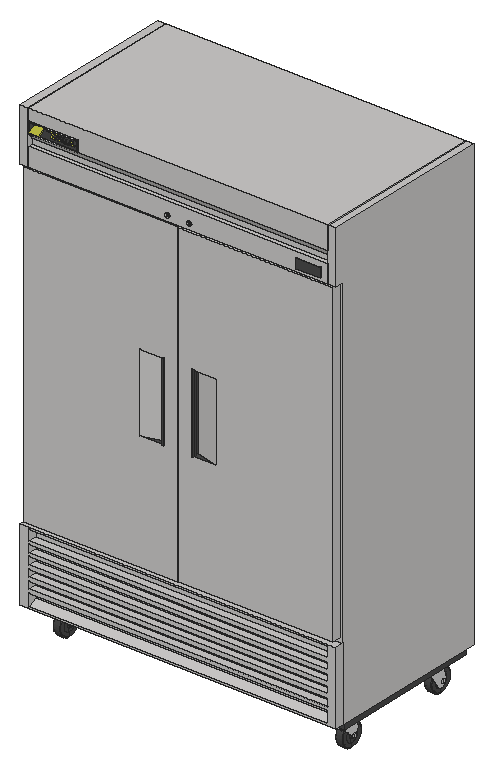
Revit family "QF_TRUE_T-49F-HC_cat", category Specialty Equipment, Revit 2014
Parameters
  Width = 54 1/8"
  Weight = "440"
  Watts = Volts * FL Amps  # 1104 W
  Volts = 115 V
  URL Manufacturer = "www.truemfg.com"
  URL Cutsheet = "www.truemfg.com"
  URL = "www.truemfg.com"
  Type Mark [instance] = ""
  Type Comments = "www.truemfg.com"
  Status [instance] = ""
  Specification by User [instance] = ""
  Specification by Manufacturer = ""
  Show Seismic Flanged [instance] = no
  Show Logo [instance] = yes
  Show Legs [instance] = no
  Show Clearance [instance] = yes
  Serial Number = ""
  Seismic Rating = ""
  Seismic Plate [instance] = and(Show Seismic Flanged, not(Show Casters))  # no
  SMACNA No = ""
  Revision Code [instance] = ""
  Phase = 1
  Omniclass Number and Title = ""
  Number of Poles [instance] = 1
  NAFEM Spec ID Number = ""
  Model = "T-49F-HC"
  Min Ckt Ampacity = 0 A
  Max Overcurrent Protection = 0 A
  MasterSpec. = ""
  Manufacturer = "TRUE FOOD SERVICE EQUIPMENT, INC."
  Legs [instance] = or(Show Legs, Show Seismic Flanged)  # no
  Item Number [instance] = ""
  Installed By [instance] = ""
  Identify Quantity as Lot [instance] = yes
  Height = 83 5/16"
  HP = "1"
  Furnished By [instance] = ""
  Foodservice Equipment Identifier [instance] = yes
  FL Amps = 9.6 A
  Electrical Remarks [instance] = "230-240/50/1"
  Electric Connection Type [instance] = ""
  Elec Conn RI Height [instance] = 0"
  Elec Conn Connection Height [instance] = 0"
  Description = "REACH-IN SOLID SWING DOOR FREEZER WITH HYDROCARBON REFRIGERANT"
  Depth = 29 1/2"
  Cycle = 60 Hz
  Conn Plug = "NEMA-5-15P"
  Conn Conduit = yes
  Show Casters [instance] = and(not(Show Legs), not(Show Seismic Flanged))  # yes
  CSI MasterFormat = ""
  CSI Master Format = ""
  Body Finish = QF_Finishes_Stainless Steel
  Base Height [instance] = if(Show Casters, 5", 6")  # 5"
  Apparent Power = if(Phase = 3, Volts * FL Amps * 1.73, Volts * FL Amps)  # 1104 VA
Reference planes (in)
  plane 1 "BACK": y = 0
  plane 2: z = 0
  plane 3 "LEFT": x = 0
  plane 4 "RIGHT": x = 54.125
  plane 5 "x": y = -31.09375
  plane 6 "TOP": z = 84.3125
  plane 7: z = 5
  plane 8 "FRONT": y = -29.5
  plane 9: z = 83.3125
Forms (in)
  Revolve 1, solid, material "QF_Finishes_Black", visible <- "Show Casters"
    sketch origin (53.28125, -23.20176, 0.5) x (-1, 0, 0) y (0, 0, -1)
      loop
        line (1.475, -3.5) -> (2.525, -3.5) -> (2.62908, -3.39592) -> (2.62908, -2.79941) -> (2.46399, -2.79941) -> (2.46399, -2.04941) -> (2.62908, -2.04941) -> (2.62908, -1.79941) -> (3.025, -1.79941) -> (3.025, -1.5) -> (0.975, -1.5) -> (0.975, -1.79941) -> (1.375, -1.79941) -> (1.375, -2.04941) -> (1.53601, -2.04941) -> (1.53601, -2.79941) -> (1.375, -2.79941) -> (1.375, -3.4) -> (1.475, -3.5)
      axis (3.025, -1.5) -> (0.975, -1.5)
    angle from 0 to 360
  Extrusion 2, solid, material "QF_Finishes_Handrails and Railings", visible <- "Show Casters"
    sketch origin (53.28125, -2.93273, 0.00141) x (0, 1, 0) y (0, 0, -1)
      loop
        line (-22.72048, -4.36074) -> (-19.97048, -4.36074) -> (-19.32266, -3.00185)
        arc (-19.32266, -3.00185) -> (-19.76408, -2.15178) -> (-20.72128, -2.18736) r 0.8952
        line (-20.72128, -2.18736) -> (-22.47048, -3.75589) -> (-22.72048, -3.75589) -> (-22.72048, -4.36074)
      loop
        line (-3.8577, -4.36074) -> (-1.1077, -4.36074) -> (-0.49013, -2.16805)
        arc (-0.49013, -2.16805) -> (-0.83033, -1.19773) -> (-1.8585, -1.18736) r 0.8952
        line (-1.8585, -1.18736) -> (-3.6077, -3.75589) -> (-3.8577, -3.75589) -> (-3.8577, -4.36074)
    from 1.175 to 1.325
  Extrusion 3, solid, material "QF_Finishes_Handrails and Railings", visible <- "Show Casters"
    sketch origin (51.78125, -2.93273, 0.00141) x (0, 1, 0) y (0, 0, -1)
      loop
        line (-22.72048, -4.36074) -> (-19.97048, -4.36074) -> (-19.32266, -3.00185)
        arc (-19.32266, -3.00185) -> (-19.76408, -2.15178) -> (-20.72128, -2.18736) r 0.8952
        line (-20.72128, -2.18736) -> (-22.47048, -3.75589) -> (-22.72048, -3.75589) -> (-22.72048, -4.36074)
      loop
        line (-3.8577, -4.36074) -> (-1.1077, -4.36074) -> (-0.49013, -2.16805)
        arc (-0.49013, -2.16805) -> (-0.83033, -1.19773) -> (-1.8585, -1.18736) r 0.8952
        line (-1.8585, -1.18736) -> (-3.6077, -3.75589) -> (-3.8577, -3.75589) -> (-3.8577, -4.36074)
    from 1.175 to 1.325
  Revolve 4, solid, material "QF_Finishes_Chrome - Satin", visible <- "Show Casters"
    sketch origin (53.28125, -24.38926, -1.49859) x (-1, 0, 0) y (0, 0, -1)
      loop
        line (2, -6.49859) -> (2, -5.86074) -> (0.70293, -5.86074) -> (0.70293, -6.49859) -> (2, -6.49859)
      axis (2, -5.86074) -> (2, -6.49859)
    angle from 0 to 360
  Revolve 5, solid, material "QF_Finishes_Chrome - Satin", visible <- "Show Casters"
    sketch origin (53.28125, -5.63594, -0.49859) x (-1, 0, 0) y (0, 0, -1)
      loop
        line (2, -4.86074) -> (0.70293, -4.86074) -> (0.70293, -5.49859) -> (2, -5.49859) -> (2, -4.86074)
      axis (2, -4.86074) -> (2, -5.49859)
    angle from 0 to 360
  Extrusion 6, solid, material "QF_Finishes_Handrails and Railings", visible <- "Show Casters"
    sketch origin (101.0625, -2.93273, 0.00141) x (0, 1, 0) y (0, 0, -1)
      loop
        line (-3.8577, -4.36074) -> (-1.1077, -4.36074) -> (-1.07167, -4.06727) -> (-3.6077, -3.75589) -> (-3.8577, -3.75589) -> (-3.8577, -4.36074)
      loop
        line (-22.72048, -4.36074) -> (-19.97048, -4.36074) -> (-19.93445, -4.06727) -> (-22.47048, -3.75589) -> (-22.72048, -3.75589) -> (-22.72048, -4.36074)
    from 49.10625 to 50.45625
  Revolve 7, solid, material "QF_Finishes_Black", visible <- "Show Casters"
    sketch origin (53.28125, -4.15148, 0.5) x (-1, 0, 0) y (0, 0, -1)
      loop
        line (1.475, -3.5) -> (2.525, -3.5) -> (2.62908, -3.39592) -> (2.62908, -2.79941) -> (2.46399, -2.79941) -> (2.46399, -2.04941) -> (2.62908, -2.04941) -> (2.62908, -1.79941) -> (3.025, -1.79941) -> (3.025, -1.5) -> (0.975, -1.5) -> (0.975, -1.79941) -> (1.375, -1.79941) -> (1.375, -2.04941) -> (1.53601, -2.04941) -> (1.53601, -2.79941) -> (1.375, -2.79941) -> (1.375, -3.4) -> (1.475, -3.5)
      axis (3.025, -1.5) -> (0.975, -1.5)
    angle from 0 to 360
  Revolve 8, solid, material "QF_Finishes_Black", visible <- "Show Casters"
    sketch origin (0.84375, -23.20176, 0.5) x (1, 0, 0) y (0, 0, 1)
      loop
        line (1.475, 3.5) -> (1.375, 3.4) -> (1.375, 2.79941) -> (1.53601, 2.79941) -> (1.53601, 2.04941) -> (1.375, 2.04941) -> (1.375, 1.79941) -> (0.975, 1.79941) -> (0.975, 1.5) -> (3.025, 1.5) -> (3.025, 1.79941) -> (2.62908, 1.79941) -> (2.62908, 2.04941) -> (2.46399, 2.04941) -> (2.46399, 2.79941) -> (2.62908, 2.79941) -> (2.62908, 3.39592) -> (2.525, 3.5) -> (1.475, 3.5)
      axis (3.025, 1.5) -> (0.975, 1.5)
    angle from 0 to 360
  Extrusion 9, solid, material "QF_Finishes_Handrails and Railings", visible <- "Show Casters"
    sketch origin (0.84375, -2.93273, 0.00141) x (0, 1, 0) y (0, 0, 1)
      loop
        line (-22.72048, 4.36074) -> (-22.72048, 3.75589) -> (-22.47048, 3.75589) -> (-20.72128, 2.18736)
        arc (-20.72128, 2.18736) -> (-19.76408, 2.15178) -> (-19.32266, 3.00185) r 0.8952
        line (-19.32266, 3.00185) -> (-19.97048, 4.36074) -> (-22.72048, 4.36074)
      loop
        line (-3.8577, 4.36074) -> (-3.8577, 3.75589) -> (-3.6077, 3.75589) -> (-1.8585, 2.18736)
        arc (-1.8585, 2.18736) -> (-0.83033, 2.19773) -> (-0.49013, 3.16805) r 0.8952
        line (-0.49013, 3.16805) -> (-1.1077, 4.36074) -> (-3.8577, 4.36074)
    from 1.175 to 1.325
  Revolve 10, solid, material "QF_Finishes_Chrome - Satin", visible <- "Show Casters"
    sketch origin (0.84375, -24.38926, -1.49859) x (1, 0, 0) y (0, 0, 1)
      loop
        line (2, 6.49859) -> (0.70293, 6.49859) -> (0.70293, 5.86074) -> (2, 5.86074) -> (2, 6.49859)
      axis (2, 5.86074) -> (2, 6.49859)
    angle from 0 to 360
  Revolve 11, solid, material "QF_Finishes_Chrome - Satin", visible <- "Show Casters"
    sketch origin (0.84375, -5.63594, -0.49859) x (1, 0, 0) y (0, 0, 1)
      loop
        line (2, 4.86074) -> (2, 5.49859) -> (0.70293, 5.49859) -> (0.70293, 4.86074) -> (2, 4.86074)
      axis (2, 4.86074) -> (2, 5.49859)
    angle from 0 to 360
  Extrusion 12, solid, material "QF_Finishes_Handrails and Railings", visible <- "Show Casters"
    sketch origin (-46.9375, -2.93273, 0.00141) x (0, 1, 0) y (0, 0, 1)
      loop
        line (-3.8577, 4.36074) -> (-3.8577, 3.75589) -> (-3.6077, 3.75589) -> (-1.07167, 4.06727) -> (-1.1077, 4.36074) -> (-3.8577, 4.36074)
      loop
        line (-22.72048, 4.36074) -> (-22.72048, 3.75589) -> (-22.47048, 3.75589) -> (-19.93445, 4.06727) -> (-19.97048, 4.36074) -> (-22.72048, 4.36074)
    from 49.10625 to 50.45625
  Revolve 13, solid, material "QF_Finishes_Black", visible <- "Show Casters"
    sketch origin (0.84375, -4.15148, 0.5) x (1, 0, 0) y (0, 0, 1)
      loop
        line (1.475, 3.5) -> (1.375, 3.4) -> (1.375, 2.79941) -> (1.53601, 2.79941) -> (1.53601, 2.04941) -> (1.375, 2.04941) -> (1.375, 1.79941) -> (0.975, 1.79941) -> (0.975, 1.5) -> (3.025, 1.5) -> (3.025, 1.79941) -> (2.62908, 1.79941) -> (2.62908, 2.04941) -> (2.46399, 2.04941) -> (2.46399, 2.79941) -> (2.62908, 2.79941) -> (2.62908, 3.39592) -> (2.525, 3.5) -> (1.475, 3.5)
      axis (3.025, 1.5) -> (0.975, 1.5)
    angle from 0 to 360
  Revolve 14, solid, material "QF_Finishes_Stainless Steel" <- "Body Finish", visible <- "Legs"
    sketch origin (0.84375, -23.09219, 0) x (1, 0, 0) y (0, 0, 1)
      loop
        line (2, 5) -> (0.68084, 5) -> (1.25, 1) -> (1.5, 1) -> (1.5, 0) -> (2, 0) -> (2, 5)
      axis (2, 0) -> (2, 5)
    angle from 0 to 360
  Revolve 15, solid, material "QF_Finishes_Stainless Steel" <- "Body Finish", visible <- "Legs"
    sketch origin (0.84375, -4.15148, 0) x (1, 0, 0) y (0, 0, -1)
      loop
        line (2, -5) -> (2, 0) -> (1.5, 0) -> (1.5, -1) -> (1.25, -1) -> (0.68084, -5) -> (2, -5)
      axis (2, 0) -> (2, -5)
    angle from 0 to 360
  Extrusion 16, solid, material "QF_Finishes_Stainless Steel" <- "Body Finish", visible <- "Seismic Plate"
    sketch origin (-0.22541, -2.45732, 0) x (1, 0, 0) y (0, 1, 0)
      loop
        circle (3.06916, -1.69416) r 1.5
    from 0 to 0.25
  Extrusion 17, solid, material "QF_Finishes_Stainless Steel" <- "Body Finish", visible <- "Seismic Plate"
    sketch origin (-0.22541, -21.39804, 0) x (1, 0, 0) y (0, 1, 0)
      loop
        circle (3.06916, -1.69416) r 1.5
    from 0 to 0.25
  Revolve 18, solid, material "QF_Finishes_Stainless Steel" <- "Body Finish", visible <- "Legs"
    sketch origin (53.28125, -23.09219, 0) x (-1, 0, 0) y (0, 0, -1)
      loop
        line (2, -5) -> (2, 0) -> (1.5, 0) -> (1.5, -1) -> (1.25, -1) -> (0.68084, -5) -> (2, -5)
      axis (2, 0) -> (2, -5)
    angle from 0 to 360
  Revolve 19, solid, material "QF_Finishes_Stainless Steel" <- "Body Finish", visible <- "Legs"
    sketch origin (53.28125, -4.15148, 0) x (-1, 0, 0) y (0, 0, 1)
      loop
        line (2, 5) -> (0.68084, 5) -> (1.25, 1) -> (1.5, 1) -> (1.5, 0) -> (2, 0) -> (2, 5)
      axis (2, 0) -> (2, 5)
    angle from 0 to 360
  Extrusion 20, solid, material "QF_Finishes_Stainless Steel" <- "Body Finish", visible <- "Seismic Plate"
    sketch origin (54.35041, -2.45732, 0) x (-1, 0, 0) y (0, -1, 0)
      loop
        circle (3.06916, 1.69416) r 1.5
    from 0 to 0.25
  Extrusion 21, solid, material "QF_Finishes_Stainless Steel" <- "Body Finish", visible <- "Seismic Plate"
    sketch origin (54.35041, -21.39804, 0) x (-1, 0, 0) y (0, -1, 0)
      loop
        circle (3.06916, 1.69416) r 1.5
    from 0 to 0.25
  Extrusion 22, solid, material "QF_Finishes_Chrome - Satin"
    sketch origin (0, 0, 0) x (1, 0, 0) y (0, 0, 1)
      loop
        circle (6.0625, 12) r 0.25
    from 0 to 0.0625
  Extrusion 23, solid, material "QF_Finishes_Handrails and Railings", visible <- "Show Casters"
    sketch origin (4.84375, -2.93273, 0.00141) x (0, 1, 0) y (0, 0, -1)
      loop
        line (-22.72048, -4.36074) -> (-19.97048, -4.36074) -> (-19.32266, -3.00185)
        arc (-19.32266, -3.00185) -> (-19.76408, -2.15178) -> (-20.72128, -2.18736) r 0.8952
        line (-20.72128, -2.18736) -> (-22.47048, -3.75589) -> (-22.72048, -3.75589) -> (-22.72048, -4.36074)
      loop
        line (-3.8577, -4.36074) -> (-1.1077, -4.36074) -> (-0.49013, -3.16805)
        arc (-0.49013, -3.16805) -> (-0.83033, -2.19773) -> (-1.8585, -2.18736) r 0.8952
        line (-1.8585, -2.18736) -> (-3.6077, -3.75589) -> (-3.8577, -3.75589) -> (-3.8577, -4.36074)
    from 1.175 to 1.325
Lines and regions (in)
  symbolic lines, style "SpecialityEquipmentHiddenLines", visible <- "Show Casters"
    curve 1: line (1.38909, -5.62103, 0) -> (2.29841, -6.14603, 0)
    curve 2: line (3.38909, -2.15693, 0) -> (1.38909, -5.62103, 0)
    curve 3: line (4.29841, -2.68193, 0) -> (3.38909, -2.15693, 0)
    curve 4: line (2.29841, -6.14603, 0) -> (4.29841, -2.68193, 0)
    curve 5: line (49.82659, -5.62103, 0) -> (50.73591, -6.14603, 0)
    curve 6: line (51.82659, -2.15693, 0) -> (49.82659, -5.62103, 0)
    curve 7: line (52.73591, -2.68193, 0) -> (51.82659, -2.15693, 0)
    curve 8: line (50.73591, -6.14603, 0) -> (52.73591, -2.68193, 0)
    curve 9: line (1.38909, -24.67131, 0) -> (2.29841, -25.19631, 0)
    curve 10: line (3.38909, -21.20721, 0) -> (1.38909, -24.67131, 0)
    curve 11: line (4.29841, -21.73221, 0) -> (3.38909, -21.20721, 0)
    curve 12: line (2.29841, -25.19631, 0) -> (4.29841, -21.73221, 0)
    curve 13: line (49.82659, -24.67131, 0) -> (50.73591, -25.19631, 0)
    curve 14: line (51.82659, -21.20721, 0) -> (49.82659, -24.67131, 0)
    curve 15: line (52.73591, -21.73221, 0) -> (51.82659, -21.20721, 0)
    curve 16: line (50.73591, -25.19631, 0) -> (52.73591, -21.73221, 0)
Dimensions and locks (in)
  "Width": plane 3 "LEFT" to plane 4 "RIGHT"
  "Base Height": plane 7 to level
  locked: plane 7 to Revolve 8 sketch curve at 3
  locked: plane 7 to Revolve 13 sketch curve at 3
  plane 1 "BACK" to plane 5 "x" = 31 3/32"
  Extrusion 22 sketch curve to Extrusion 22 sketch curve to plane 7 = 1/2" locked, 6 3/4" locked
  "Height": nested 1 to level
  "Depth": plane 8 "FRONT" to plane 1 "BACK"
  plane 5 "x" to plane 1 "BACK" = 31 3/32"
  aligned and locked: level to plane 2
  aligned and locked: plane 7 to Revolve 4  (x2)
  aligned and locked: Revolve 4 to Extrusion 3
  aligned and locked: Revolve 11 to Revolve 10
  aligned and locked: Revolve 10 to plane 7  (x2)
  aligned and locked: Revolve 11 to plane 7
  aligned and locked: Revolve 5 to Revolve 4
  aligned and locked: plane 7 to Revolve 5
  aligned and locked: plane 1 "BACK" to nested 1
  aligned and locked: plane 3 "LEFT" to nested 1
  aligned and locked: plane 7 to nested 1
Automatic sketch dimensions
  Revolve 1 sketch curve to plane 4 "RIGHT" = 1.33602"
  Revolve 1 sketch curve to Revolve 1 sketch curve = 0.48273"
  Revolve 1 sketch curve to Revolve 1 sketch curve = 0.4"  (x2)
  Revolve 1 sketch curve to Revolve 1 sketch curve = 0.1"  (x2)
  Revolve 1 sketch curve to Revolve 1 sketch curve = 0.16101"
  Revolve 1 sketch curve to Revolve 1 sketch curve = 0.59307"
  Revolve 1 sketch curve to Revolve 1 sketch curve = 0.92798"
  Revolve 1 sketch curve to Revolve 1 sketch curve = 0.06101"
  Revolve 1 sketch curve to Revolve 1 sketch curve = 0.16509"  (x2)
  Revolve 1 sketch curve to Revolve 1 sketch curve = 0.39592"
  Revolve 1 sketch curve to plane 7 = 1"
  Revolve 1 sketch curve to Revolve 1 sketch curve = 0.10408"
  Revolve 1 sketch curve to Revolve 1 sketch curve = 0.59652"
  Revolve 1 sketch curve to Revolve 1 sketch curve = 0.60059"
  Revolve 1 sketch curve to Revolve 1 sketch curve = 3/4"  (x2)
  Revolve 1 sketch curve to Revolve 1 sketch curve = 1/4"  (x2)
  Revolve 1 sketch curve to Revolve 1 sketch curve = 0.29941"  (x2)
  Extrusion 2 sketch curve to plane 7 = 1.24271"  (x2)
  Extrusion 2 sketch curve to plane 5 "x" = 5.44054"
  Extrusion 2 sketch curve to Extrusion 2 sketch curve = 1/4"  (x2)
  level to Extrusion 2 sketch curve = 2.18876"
  Extrusion 2 sketch curve to Extrusion 2 sketch curve = 1.7492"  (x2)
  Extrusion 2 sketch curve to Extrusion 2 sketch curve = 0.50669"  (x2)
  Extrusion 2 sketch curve to plane 7 = 0.63785"  (x2)
  Extrusion 2 sketch curve to Extrusion 2 sketch curve = 0.24411"  (x2)
  Extrusion 2 sketch curve to Extrusion 2 sketch curve = 0.89192"
  plane 1 "BACK" to Extrusion 2 sketch curve = 6.79043"
  level to Extrusion 2 sketch curve = 1.18876"
  Extrusion 2 sketch curve to Extrusion 2 sketch curve = 0.86168"
  Extrusion 2 sketch curve to Extrusion 2 sketch curve = 1.35889"
  Extrusion 2 sketch curve to Extrusion 2 sketch curve = 0.98069"
  Extrusion 3 sketch curve to plane 7 = 1.24271"  (x2)
  Extrusion 3 sketch curve to plane 5 "x" = 5.44054"
  Extrusion 3 sketch curve to Extrusion 3 sketch curve = 1/4"  (x2)
  level to Extrusion 3 sketch curve = 2.18876"
  Extrusion 3 sketch curve to Extrusion 3 sketch curve = 1.7492"  (x2)
  Extrusion 3 sketch curve to Extrusion 3 sketch curve = 0.50669"  (x2)
  Extrusion 3 sketch curve to plane 7 = 0.63785"  (x2)
  Extrusion 3 sketch curve to Extrusion 3 sketch curve = 0.24411"  (x2)
  Extrusion 3 sketch curve to Extrusion 3 sketch curve = 0.89192"
  plane 1 "BACK" to Extrusion 3 sketch curve = 6.79043"
  level to Extrusion 3 sketch curve = 1.18876"
  Extrusion 3 sketch curve to Extrusion 3 sketch curve = 0.86168"
  Extrusion 3 sketch curve to Extrusion 3 sketch curve = 1.35889"
  Extrusion 3 sketch curve to Extrusion 3 sketch curve = 0.98069"
  Revolve 4 sketch curve to plane 7 = 0"
  Revolve 4 sketch curve to plane 4 "RIGHT" = 1.54668"
  Revolve 4 sketch curve to Revolve 4 sketch curve = 1.29707"
  Revolve 4 sketch curve to Revolve 4 sketch curve = 0"
  Revolve 4 sketch curve to Revolve 4 sketch curve = 0.26909"
  Revolve 4 sketch curve to plane 7 = 0.63785"
  Revolve 4 sketch curve to Revolve 4 sketch curve = 0.09306"
  Revolve 5 sketch curve to plane 7 = 0"
  Revolve 5 sketch curve to plane 7 = 0.63785"
  Revolve 5 sketch curve to plane 4 "RIGHT" = 1.54668"
  Revolve 5 sketch curve to Revolve 5 sketch curve = 1.29707"
  Revolve 5 sketch curve to Revolve 5 sketch curve = 0"
  plane 7 to Revolve 5 sketch curve = 0.26909"
  Revolve 5 sketch curve to Revolve 5 sketch curve = 0.09306"
  Extrusion 6 sketch curve to plane 7 = 0.63785"  (x2)
  Extrusion 6 sketch curve to plane 5 "x" = 5.44054"
  Extrusion 6 sketch curve to plane 7 = 1.24271"  (x2)
  Extrusion 6 sketch curve to Extrusion 6 sketch curve = 1/4"  (x2)
  Extrusion 6 sketch curve to Extrusion 6 sketch curve = 2 1/2"  (x2)
  Extrusion 6 sketch curve to plane 7 = 0.93132"  (x2)
  plane 1 "BACK" to Extrusion 6 sketch curve = 6.79043"
  Revolve 7 sketch curve to plane 4 "RIGHT" = 1.33602"
  Revolve 7 sketch curve to Revolve 7 sketch curve = 0.48273"
  Revolve 7 sketch curve to Revolve 7 sketch curve = 0.4"  (x2)
  Revolve 7 sketch curve to Revolve 7 sketch curve = 0.1"  (x2)
  Revolve 7 sketch curve to Revolve 7 sketch curve = 0.16101"
  Revolve 7 sketch curve to Revolve 7 sketch curve = 0.59307"
  Revolve 7 sketch curve to Revolve 7 sketch curve = 0.92798"
  Revolve 7 sketch curve to Revolve 7 sketch curve = 0.06101"
  Revolve 7 sketch curve to Revolve 7 sketch curve = 0.16509"  (x2)
  Revolve 7 sketch curve to Revolve 7 sketch curve = 0.39592"
  Revolve 7 sketch curve to plane 7 = 1"
  Revolve 7 sketch curve to Revolve 7 sketch curve = 0.10408"
  Revolve 7 sketch curve to Revolve 7 sketch curve = 0.59652"
  Revolve 7 sketch curve to Revolve 7 sketch curve = 0.60059"
  Revolve 7 sketch curve to Revolve 7 sketch curve = 3/4"  (x2)
  Revolve 7 sketch curve to Revolve 7 sketch curve = 1/4"  (x2)
  Revolve 7 sketch curve to Revolve 7 sketch curve = 0.29941"  (x2)
  plane 3 "LEFT" to Revolve 8 sketch curve = 1.33602"
  Revolve 8 sketch curve to Revolve 8 sketch curve = 0.48273"
  Revolve 8 sketch curve to Revolve 8 sketch curve = 0.4"  (x2)
  Revolve 8 sketch curve to Revolve 8 sketch curve = 0.1"  (x2)
  Revolve 8 sketch curve to Revolve 8 sketch curve = 0.16101"
  Revolve 8 sketch curve to Revolve 8 sketch curve = 0.59307"
  Revolve 8 sketch curve to Revolve 8 sketch curve = 0.92798"
  Revolve 8 sketch curve to Revolve 8 sketch curve = 0.06101"
  Revolve 8 sketch curve to Revolve 8 sketch curve = 0.16509"  (x2)
  Revolve 8 sketch curve to Revolve 8 sketch curve = 0.39592"
  Revolve 8 sketch curve to Revolve 8 sketch curve = 0"
  Revolve 8 sketch curve to Revolve 8 sketch curve = 0.29941"  (x2)
  Revolve 8 sketch curve to Revolve 8 sketch curve = 1/4"  (x2)
  Revolve 8 sketch curve to Revolve 8 sketch curve = 3/4"  (x2)
  Revolve 8 sketch curve to Revolve 8 sketch curve = 0.59652"
  Revolve 8 sketch curve to Revolve 8 sketch curve = 0.60059"
  Extrusion 9 sketch curve to plane 7 = 1.24271"  (x2)
  Extrusion 9 sketch curve to plane 5 "x" = 5.44054"
  Extrusion 9 sketch curve to Extrusion 9 sketch curve = 1/4"  (x2)
  level to Extrusion 9 sketch curve = 2.18876"  (x2)
  Extrusion 9 sketch curve to Extrusion 9 sketch curve = 1.7492"  (x2)
  Extrusion 9 sketch curve to Extrusion 9 sketch curve = 0.50669"  (x2)
  Extrusion 9 sketch curve to plane 7 = 0.63785"  (x2)
  Extrusion 9 sketch curve to Extrusion 9 sketch curve = 0.24411"  (x2)
  Extrusion 9 sketch curve to Extrusion 9 sketch curve = 0.89192"
  plane 1 "BACK" to Extrusion 9 sketch curve = 6.79043"
  Extrusion 9 sketch curve to Extrusion 9 sketch curve = 0.86168"
  Extrusion 9 sketch curve to Extrusion 9 sketch curve = 0.738"  (x2)
  Revolve 10 sketch curve to plane 7 = 0"
  plane 3 "LEFT" to Revolve 10 sketch curve = 1.54668"
  Revolve 10 sketch curve to Revolve 10 sketch curve = 1.29707"
  Revolve 10 sketch curve to Revolve 10 sketch curve = 0"
  Revolve 10 sketch curve to Revolve 10 sketch curve = 0.63785"
  Revolve 10 sketch curve to Revolve 10 sketch curve = 0.09306"
  plane 7 to Revolve 10 sketch curve = 0.26909"
  Revolve 11 sketch curve to plane 7 = 0"
  Revolve 11 sketch curve to plane 7 = 0.63785"
  plane 3 "LEFT" to Revolve 11 sketch curve = 1.54668"
  Revolve 11 sketch curve to Revolve 11 sketch curve = 1.29707"
  Revolve 11 sketch curve to Revolve 11 sketch curve = 0"
  Revolve 11 sketch curve to Revolve 11 sketch curve = 0.09306"
  Revolve 11 sketch curve to Revolve 11 sketch curve = 0.26909"
  Extrusion 12 sketch curve to plane 7 = 0.63785"  (x2)
  Extrusion 12 sketch curve to plane 5 "x" = 5.44054"
  Extrusion 12 sketch curve to plane 7 = 1.24271"  (x2)
  Extrusion 12 sketch curve to Extrusion 12 sketch curve = 1/4"  (x2)
  Extrusion 12 sketch curve to Extrusion 12 sketch curve = 2 1/2"  (x2)
  Extrusion 12 sketch curve to plane 7 = 0.93132"  (x2)
  plane 1 "BACK" to Extrusion 12 sketch curve = 6.79043"
  plane 3 "LEFT" to Revolve 13 sketch curve = 1.33602"
  Revolve 13 sketch curve to Revolve 13 sketch curve = 0.48273"
  Revolve 13 sketch curve to Revolve 13 sketch curve = 0.4"  (x2)
  Revolve 13 sketch curve to Revolve 13 sketch curve = 0.1"  (x2)
  Revolve 13 sketch curve to Revolve 13 sketch curve = 0.16101"
  Revolve 13 sketch curve to Revolve 13 sketch curve = 0.59307"
  Revolve 13 sketch curve to Revolve 13 sketch curve = 0.92798"
  Revolve 13 sketch curve to Revolve 13 sketch curve = 0.06101"
  Revolve 13 sketch curve to Revolve 13 sketch curve = 0.16509"  (x2)
  Revolve 13 sketch curve to Revolve 13 sketch curve = 0.39592"
  Revolve 13 sketch curve to Revolve 13 sketch curve = 0"
  Revolve 13 sketch curve to Revolve 13 sketch curve = 0.29941"  (x2)
  Revolve 13 sketch curve to Revolve 13 sketch curve = 1/4"  (x2)
  Revolve 13 sketch curve to Revolve 13 sketch curve = 3/4"  (x2)
  Revolve 13 sketch curve to Revolve 13 sketch curve = 0.59652"
  Revolve 13 sketch curve to Revolve 13 sketch curve = 0.60059"
  Revolve 14 sketch curve to plane 7 = 0"
  Revolve 14 sketch curve to level = 0"
  plane 3 "LEFT" to Revolve 14 sketch curve = 1.52459"
  level to Revolve 14 sketch curve = 1"
  plane 3 "LEFT" to Revolve 14 sketch curve = 2 3/32"
  Revolve 14 sketch curve to Revolve 14 sketch curve = 1/4"
  Revolve 14 sketch curve to Revolve 14 sketch curve = 1/2"  (x2)
  Revolve 14 sketch curve to Revolve 14 sketch curve = 0"
  plane 7 to Revolve 14 sketch curve = 1 29/32"
  Revolve 15 sketch curve to plane 7 = 0"
  Revolve 15 sketch curve to level = 0"
  plane 3 "LEFT" to Revolve 15 sketch curve = 1.52459"
  level to Revolve 15 sketch curve = 1"
  plane 3 "LEFT" to Revolve 15 sketch curve = 2 3/32"
  Revolve 15 sketch curve to Revolve 15 sketch curve = 1/4"
  Revolve 15 sketch curve to Revolve 15 sketch curve = 1/2"  (x2)
  Revolve 15 sketch curve to Revolve 15 sketch curve = 0"
  plane 7 to Revolve 15 sketch curve = 1 29/32"
  plane 3 "LEFT" to Extrusion 16 sketch curve = 2 27/32"
  plane 1 "BACK" to Extrusion 16 sketch curve = 4.15148"
  plane 3 "LEFT" to Extrusion 17 sketch curve = 2 27/32"
  Extrusion 17 sketch curve to plane 5 "x" = 8.00156"
  Revolve 18 sketch curve to plane 7 = 0"
  Revolve 18 sketch curve to level = 0"
  Revolve 18 sketch curve to plane 4 "RIGHT" = 1.52459"
  level to Revolve 18 sketch curve = 1"
  Revolve 18 sketch curve to plane 4 "RIGHT" = 2 3/32"
  Revolve 18 sketch curve to Revolve 18 sketch curve = 1/4"
  Revolve 18 sketch curve to Revolve 18 sketch curve = 1/2"  (x2)
  Revolve 18 sketch curve to Revolve 18 sketch curve = 0"
  plane 7 to Revolve 18 sketch curve = 1 29/32"
  Revolve 19 sketch curve to plane 7 = 0"
  Revolve 19 sketch curve to level = 0"
  Revolve 19 sketch curve to plane 4 "RIGHT" = 1.52459"
  level to Revolve 19 sketch curve = 1"
  Revolve 19 sketch curve to plane 4 "RIGHT" = 2 3/32"
  Revolve 19 sketch curve to Revolve 19 sketch curve = 1/4"
  Revolve 19 sketch curve to Revolve 19 sketch curve = 1/2"  (x2)
  Revolve 19 sketch curve to Revolve 19 sketch curve = 0"
  plane 7 to Revolve 19 sketch curve = 1 29/32"
  Extrusion 20 sketch curve to plane 4 "RIGHT" = 2 27/32"
  plane 1 "BACK" to Extrusion 20 sketch curve = 4.15148"
  Extrusion 21 sketch curve to plane 4 "RIGHT" = 2 27/32"
  Extrusion 21 sketch curve to plane 5 "x" = 8.00156"
  plane 3 "LEFT" to Extrusion 22 sketch curve = 6 1/16"
  Extrusion 23 sketch curve to plane 7 = 1.24271"  (x2)
  Extrusion 23 sketch curve to plane 5 "x" = 5.44054"
  Extrusion 23 sketch curve to Extrusion 23 sketch curve = 1/4"  (x2)
  level to Extrusion 23 sketch curve = 2.18876"
  Extrusion 23 sketch curve to Extrusion 23 sketch curve = 1.7492"  (x2)
  Extrusion 23 sketch curve to Extrusion 23 sketch curve = 0.50669"  (x2)
  Extrusion 23 sketch curve to plane 7 = 0.63785"  (x2)
  Extrusion 23 sketch curve to Extrusion 23 sketch curve = 0.24411"  (x2)
  Extrusion 23 sketch curve to Extrusion 23 sketch curve = 0.89192"
  plane 1 "BACK" to Extrusion 23 sketch curve = 6.79043"
  Extrusion 23 sketch curve to Extrusion 23 sketch curve = 0.86168"
  Extrusion 23 sketch curve to Extrusion 23 sketch curve = 1.19269"
  Extrusion 23 sketch curve to Extrusion 23 sketch curve = 1.35889"
  Extrusion 23 sketch curve to Extrusion 23 sketch curve = 0.24269"
  plane 3 "LEFT" to curve 2 = 1.38909"
  plane 3 "LEFT" to curve 10 = 1.38909"
  curve 1 to curve 1 = 0.90933"
  curve 9 to curve 9 = 0.90933"
  plane 3 "LEFT" to curve 2 = 3.38909"
  plane 3 "LEFT" to curve 11 = 3.38909"
  curve 13 to plane 4 "RIGHT" = 4.29841"
  curve 6 to plane 4 "RIGHT" = 4.29841"
  curve 13 to curve 13 = 0.90933"
  curve 5 to curve 8 = 0.90933"
  curve 15 to plane 4 "RIGHT" = 2.29841"
  curve 7 to plane 4 "RIGHT" = 2.29841"
  curve 13 to curve 14 = 0.525"
  curve 9 to curve 10 = 0.525"
  plane 1 "BACK" to curve 8 = 6.14603"
  plane 1 "BACK" to curve 1 = 6.14603"
  curve 5 to curve 6 = 0.525"
  curve 1 to curve 2 = 0.525"
  curve 14 to plane 5 "x" = 9.88654"
  curve 11 to plane 5 "x" = 9.88654"
  radius of Extrusion 16 sketch curve = 1 1/2"
  radius of Extrusion 17 sketch curve = 1 1/2"
  radius of Extrusion 20 sketch curve = 1 1/2"
  radius of Extrusion 21 sketch curve = 1 1/2"
Nested families (in)
  nested 1: "T-49-2" at (0, 0, -1), Logo <- "Show Logo", Show Clearance <- "Show Clearance", type "T-49-2"
    with Type Mark "", Specification by User "", Show Clearance yes, Revision Code "", Logo yes, Item Number "", Installed By "", Identify Quantity as Lot yes, Furnished By "", Foodservice Equipment Identifier yes
Connectors (in)
  electrical at (6.0625, 0, 12), driven by "Volts", driven by "Watts"
    settings: on Extrusion 22, index 1, voltage 115 V, apparent load 1104 VA, apparent load phase1 0 VA, apparent load phase2 0 VA, apparent load phase3 0 VA, power factor 1, load classification "Other", number of poles 1, system type 30, power factor state 1, is connector primary yes, connector utility no, sub classification motor no, connector description "ELECTRICAL CONNECTION"
Definition of nested family "T-49-2"
  Parameters (values of type "T-49")
    URL = "www.truemfg.com"
    Type Mark [instance] = ""
    Type Comments = "www.truemfg.com"
    Specification by User [instance] = ""
    Specification by Manufacturer = ""
    Show Clearance [instance] = yes
    Serial Number = ""
    Seismic Rating = ""
    SMACNA No = ""
    Revision Code [instance] = ""
    Omniclass Number and Title = ""
    NAFEM Spec ID Number = ""
    Model = ""
    MasterSpec. = ""
    Manufacturer = ""
    Logo [instance] = yes
    Item Number [instance] = ""
    Installed By [instance] = ""
    Identify Quantity as Lot [instance] = yes
    Furnished By [instance] = ""
    Foodservice Equipment Identifier [instance] = yes
    Description = ""
    CSI MasterFormat = ""
    CSI Master Format = ""
    Assembly Code = ""
  Reference planes (in)
    plane 1 "BACK": y = 0
    plane 2: z = 0
    plane 3 "LEFT": x = 0
    plane 4 "RIGHT": x = 54.125
    plane 5 "FRONT": y = -29.50108
    plane 6 "TOP": z = 84.3125
    plane 7: z = 6
    plane 8: z = 82.38175
  Forms (in)
    Extrusion 1, solid, material "QF_Metal-Stainless-Satin"
      sketch origin (0, 0, 0) x (0, 1, 0) y (0, 0, 1)
        loop
          line (-28, 7.375) -> (0, 7.375) -> (0, 84.3125) -> (-29.50108, 84.3125) -> (-29.50108, 80.37908) -> (-28.68032, 79.24295) -> (-28.68032, 78.38911) -> (-29.50108, 78.38911) -> (-29.50108, 75.25) -> (-2.5, 75.25) -> (-2.5, 21) -> (-28, 21) -> (-28, 7.375)
      from 1.33114 to 52.79386
    Extrusion 2, solid, material "QF_Metal-Stainless-Satin"
      sketch origin (0, 3, 0.40625) x (1, 0, 0) y (0, 0, 1)
        loop
          line (0.6875, 20.09375) -> (27.0625, 20.09375) -> (27.0625, 74.59375) -> (0.6875, 74.59375) -> (0.6875, 20.09375)
        loop
          line (53.5625, 20.09375) -> (53.5625, 74.59375) -> (27.1875, 74.59375) -> (27.1875, 20.09375) -> (53.5625, 20.09375)
      from 31 to 32.50108
    Extrusion 3, solid, material "QF_Metal-Stainless-Satin"
      sketch origin (0, 0, 0) x (0, 1, 0) y (0, 0, 1)
        loop
          line (-28, 18.84404) -> (-28, 19.875) -> (-29.5, 19.875) -> (-29.5, 19.625) -> (-28, 18.84404)
        loop
          line (-29.49892, 7.63076) -> (-29.49892, 7.375) -> (-28, 7.375) -> (-28, 8.41116) -> (-29.49892, 7.63076)
        loop
          line (-28, 11.30682) -> (-28, 12.22667) -> (-29.50108, 12.22667) -> (-29.50108, 11.70903) -> (-28, 11.30682)
        loop
          line (-28, 13.16507) -> (-28, 14.08493) -> (-29.50108, 14.08493) -> (-29.50108, 13.56729) -> (-28, 13.16507)
        loop
          line (-28, 15.02333) -> (-28, 15.94318) -> (-29.50108, 15.94318) -> (-29.50108, 15.42554) -> (-28, 15.02333)
        loop
          line (-28, 16.88158) -> (-28, 17.80143) -> (-29.50108, 17.80143) -> (-29.50108, 17.28379) -> (-28, 16.88158)
        loop
          line (-28, 9.44857) -> (-28, 10.36842) -> (-29.50108, 10.36842) -> (-29.50108, 9.85078) -> (-28, 9.44857)
      from 0.5625 to 53.5625
    Extrusion 4, solid, material "QF_Metal-Stainless-Satin"
      sketch origin (0, 0, 0) x (1, 0, 0) y (0, 0, 1)
        loop
          line (0, 7.375) -> (1.5, 7.375) -> (1.5, 19.875) -> (0, 19.875) -> (0, 7.375)
        loop
          line (54.125, 7.375) -> (54.125, 19.875) -> (52.79386, 19.875) -> (52.79386, 7.375) -> (54.125, 7.375)
      from 28 to 29.5
    Extrusion 5, solid, material "QF_Metal-Stainless-Satin"
      sketch origin (0, 0, 1.125) x (0, 1, 0) y (0, 0, 1)
        loop
          line (0, 6.25) -> (0, 83.1875) -> (-29.50108, 83.1875) -> (-29.50108, 74.125) -> (-28, 74.125) -> (-28, 6.25) -> (0, 6.25)
      from 0 to 1.33114
    Extrusion 6, solid, material "QF_Metal-Stainless-Satin"
      sketch origin (54.125, 0, 0) x (0, 1, 0) y (0, 0, -1)
        loop
          line (0, -7.375) -> (-28, -7.375) -> (-28, -75.25) -> (-29.50108, -75.25) -> (-29.50108, -84.3125) -> (0, -84.3125) -> (0, -7.375)
      from 0 to 1.33114
    Extrusion 7, solid, material "QF_Finishes_Black"
      sketch origin (0, -29.5, 1) x (1, 0, 0) y (0, 0, 1)
        loop
          line (51.55462, 74.84875) -> (51.55462, 76.4425) -> (47.42962, 76.4425) -> (47.42962, 74.84875) -> (51.55462, 74.84875)
      from 0 to 0.1
    Extrusion 8, solid, material "QF_Wall Paint-Yellow-Matte", visible <- "Logo", detail levels medium+fine
      sketch origin (0.45342, 5.26797, 51.18158) x (1, 0, 0) y (0, 0, 1)
        loop
          line (4.18351, 30.84206) -> (4.10478, 30.67323) -> (5.15208, 30.67323)
          arc (5.15208, 30.67323) -> (5.17333, 30.63564) -> (5.15208, 30.59805) r 0.04386
          line (5.15208, 30.59805) -> (4.87892, 30.01228)
          arc (4.87892, 30.01228) -> (4.87656, 29.95802) -> (4.91325, 29.91798) r 0.07096
          line (4.91325, 29.91798) -> (5.5829, 29.91798)
          arc (5.5829, 29.91798) -> (5.66746, 29.94464) -> (5.72144, 30.01498) r 0.14742
          line (5.72144, 30.01498) -> (5.9364, 30.47597) -> (6.1339, 30.47597)
          arc (6.1339, 30.47597) -> (6.18572, 30.45692) -> (6.17822, 30.40222) r 0.04405
          line (6.17822, 30.40222) -> (5.99835, 30.01649)
          arc (5.99835, 30.01649) -> (6.00115, 29.95243) -> (6.05523, 29.91798) r 0.06943
          line (6.05523, 29.91798) -> (6.64365, 29.91798)
          arc (6.64365, 29.91798) -> (6.68873, 29.93439) -> (6.71272, 29.97594) r 0.07014
          arc (6.71272, 29.97594) -> (6.7297, 29.93495) -> (6.77068, 29.91798) r 0.05796
          line (6.77068, 29.91798) -> (7.14325, 29.91798)
          arc (7.14325, 29.91798) -> (7.18629, 29.92951) -> (7.2178, 29.96102) r 0.08608
          arc (7.2178, 29.96102) -> (7.23289, 29.9246) -> (7.26931, 29.90952) r 0.0515
          line (7.26931, 29.90952) -> (7.79882, 29.90952)
          arc (7.79882, 29.90952) -> (7.84211, 29.92745) -> (7.86005, 29.97074) r 0.06122
          arc (7.86005, 29.97074) -> (7.89973, 29.93105) -> (7.95394, 29.91653) r 0.10842
          line (7.95394, 29.91653) -> (8.94586, 29.91653) -> (9.05604, 30.10737) -> (8.05555, 30.10737)
          arc (8.05555, 30.10737) -> (8.02794, 30.12652) -> (8.02691, 30.16011) r 0.03732
          line (8.02691, 30.16011) -> (8.04422, 30.19722)
          arc (8.04422, 30.19722) -> (8.07079, 30.23203) -> (8.11255, 30.24524) r 0.07263
          line (8.11255, 30.24524) -> (8.43414, 30.24524)
          arc (8.43414, 30.24524) -> (8.50355, 30.26383) -> (8.55436, 30.31465) r 0.13882
          line (8.55436, 30.31465) -> (8.6475, 30.47597)
          arc (8.6475, 30.47597) -> (8.6475, 30.56208) -> (8.57293, 30.60513) r 0.08611
          line (8.57293, 30.60513) -> (8.23352, 30.60513)
          arc (8.23352, 30.60513) -> (8.14699, 30.59044) -> (8.08663, 30.52673) r 0.13863
          line (8.08663, 30.52673) -> (7.92534, 30.18083)
          arc (7.92534, 30.18083) -> (7.87774, 30.1188) -> (7.80316, 30.09528) r 0.13002
          line (7.80316, 30.09528) -> (7.45109, 30.09528)
          arc (7.45109, 30.09528) -> (7.40895, 30.14128) -> (7.41167, 30.2036) r 0.08151
          line (7.41167, 30.2036) -> (7.59891, 30.60513) -> (7.47974, 30.60513) -> (7.28137, 30.17972)
          arc (7.28137, 30.17972) -> (7.24283, 30.12949) -> (7.18244, 30.11046) r 0.10527
          line (7.18244, 30.11046) -> (6.93967, 30.11046)
          arc (6.93967, 30.11046) -> (6.89865, 30.16392) -> (6.90744, 30.23073) r 0.08805
          line (6.90744, 30.23073) -> (7.08203, 30.60513) -> (6.95897, 30.60513) -> (6.75801, 30.17418)
          arc (6.75801, 30.17418) -> (6.71136, 30.12753) -> (6.64764, 30.11046) r 0.12745
          line (6.64764, 30.11046) -> (6.29609, 30.11046)
          arc (6.29609, 30.11046) -> (6.23295, 30.1399) -> (6.22688, 30.2093) r 0.06967
          line (6.22688, 30.2093) -> (6.34243, 30.45711) -> (6.50577, 30.45711)
          arc (6.50577, 30.45711) -> (6.53334, 30.54018) -> (6.592, 30.60513) r 0.21289
          line (6.592, 30.60513) -> (5.95369, 30.60513)
          arc (5.95369, 30.60513) -> (5.88276, 30.58941) -> (5.83367, 30.53584) r 0.12081
          line (5.83367, 30.53584) -> (5.66065, 30.1648)
          arc (5.66065, 30.1648) -> (5.62087, 30.12502) -> (5.56653, 30.11046) r 0.10869
          line (5.56653, 30.11046) -> (5.18545, 30.11046)
          arc (5.18545, 30.11046) -> (5.15571, 30.15065) -> (5.16137, 30.20033) r 0.06822
          line (5.16137, 30.20033) -> (5.41281, 30.67323) -> (6.04721, 30.67323) -> (6.12594, 30.84206) -> (5.49154, 30.84206) -> (5.57027, 31.0109) -> (5.34459, 31.0109) -> (5.26586, 30.84206) -> (4.18351, 30.84206)
        loop
          arc (8.19062, 30.45184) -> (8.16316, 30.44448) -> (8.14305, 30.42438) r 0.05494
          line (8.14305, 30.42438) -> (8.12672, 30.37415)
          arc (8.12672, 30.37415) -> (8.13429, 30.35587) -> (8.15258, 30.34829) r 0.02586
          line (8.15258, 30.34829) -> (8.43014, 30.34829)
          arc (8.43014, 30.34829) -> (8.45013, 30.35273) -> (8.46638, 30.3652) r 0.04731
          line (8.46638, 30.3652) -> (8.47988, 30.4277)
          arc (8.47988, 30.4277) -> (8.47591, 30.44443) -> (8.46039, 30.45184) r 0.01994
          line (8.46039, 30.45184) -> (8.19062, 30.45184)
        loop
          line (1.13539, 29.3975) -> (2.84485, 29.3975) -> (3.77016, 31.00018) -> (2.0607, 31.00018) -> (1.13539, 29.3975)
      from 34.76797 to 34.83173
    Extrusion 9, solid, material "QF_Finishes_Black", visible <- "Logo", detail levels medium+fine
      sketch origin (-64.04867, 5.25, 48.33698) x (1, 0, 0) y (0, 0, 1)
        loop
          line (73.84232, 33.90728) -> (65.51732, 33.90728) -> (65.51732, 32.1796) -> (73.84232, 32.1796) -> (73.84232, 33.90728)
      from 34.75 to 34.78125
    Extrusion 10, solid, material "QF_Plastic-White-Smooth", visible <- "Logo", detail levels medium+fine
      sketch origin (-64.04867, 5.25, 48.33698) x (1, 0, 0) y (0, 0, 1)
        loop
          line (73.97982, 34.04477) -> (65.37982, 34.04477) -> (65.37982, 32.0421) -> (73.97982, 32.0421) -> (73.97982, 34.04477)
        loop
          line (65.51732, 33.90728) -> (65.51732, 32.1796) -> (73.84232, 32.1796) -> (73.84232, 33.90728) -> (65.51732, 33.90728)
      from 34.75108 to 34.81376
    Extrusion 11, solid, material "QF_Metal-Stainless-Satin"
      sketch origin (2.5625, 4, 36.15544) x (1, 0, 0) y (0, 0, 1)
        loop
          circle (22.6875, 40.0625) r 0.35
        loop
          line (22.65235, 40.33635) -> (22.65235, 39.76895) -> (22.70785, 39.76895) -> (22.70785, 40.33635) -> (22.65235, 40.33635)
        loop
          circle (26.4375, 40.0625) r 0.35
        loop
          line (26.47265, 40.33635) -> (26.41715, 40.33635) -> (26.41715, 39.76895) -> (26.47265, 39.76895) -> (26.47265, 40.33635)
      from 33.5 to 33.5625
    Extrusion 12, solid, material "QF_Finishes_Black"
      sketch origin (0, 0, 1) x (0, 1, 0) y (0, 0, 1)
        loop
          line (-1, 6.375) -> (-27, 6.375) -> (-27, 5) -> (-1, 5) -> (-1, 6.375)
      from 0.5 to 53.625
    Extrusion 13, solid, material "QF_Metal-Stainless-Satin"
      sketch origin (0, -27.5, 0) x (1, 0, 0) y (0, 0, 1)
        loop
          line (27.6875, 75) -> (52.79386, 75) -> (52.79386, 75.25) -> (1.33114, 75.25) -> (1.33114, 75) -> (26.5625, 75) -> (26.5625, 21) -> (27.6875, 21) -> (27.6875, 75)
      from 0 to 0.5
    Extrusion 14, void
      sketch origin (0, 0, 29.5) x (-1, 0, 0) y (0, -1, 0)
        loop
          line (-33.6875, 29.50108) -> (-29.4375, 28.31247) -> (-29.4375, 29.00108) -> (-29.6875, 29.00108) -> (-29.6875, 29.50108) -> (-33.6875, 29.50108)
        loop
          line (-20.43751, 29.50108) -> (-24.43751, 29.50108) -> (-24.43751, 29.00108) -> (-24.68751, 29.00108) -> (-24.68751, 28.31247) -> (-20.43751, 29.50108)
      from 11.09972 to 24.5
    Extrusion 15, solid, material "QF_Finishes_Black"
      sketch origin (0, -29.50108, -13.5) x (1, 0, 0) y (0, 0, 1)
        loop
          line (24.43751, 67.5) -> (24.43751, 54.09972) -> (24.68751, 54.09972) -> (24.68751, 67.5) -> (24.43751, 67.5)
        loop
          line (29.4375, 67.5) -> (29.4375, 54.09972) -> (29.6875, 54.09972) -> (29.6875, 67.5) -> (29.4375, 67.5)
      from 0 to 0.10156
    Extrusion 16, solid, material "QF_Door-Drawer Clearances", visible <- "Show Clearance", detail levels coarse
      sketch origin (0.6875, 3, 75) x (1, 0, 0) y (0, 1, 0)
        loop
          line (26.375, -32.50108) -> (0, -32.50108) -> (0, -58.87608)
          arc (0, -58.87608) -> (18.64994, -51.15102) -> (26.375, -32.50108) r 26.375
        loop
          line (52.875, -58.87608) -> (52.875, -32.50108) -> (26.5, -32.50108)
          arc (26.5, -32.50108) -> (34.22506, -51.15102) -> (52.875, -58.87608) r 26.375
      from 0 to -54.5
  Cuts and joins
    joined: Extrusion 3, Extrusion 4
    Extrusion 14 cuts Extrusion 5
    Extrusion 14 cuts Extrusion 13
    joined: Extrusion 5, Extrusion 13
    Extrusion 14 cuts Extrusion 1
    Extrusion 14 cuts Extrusion 2
  Lines and regions (in)
    symbolic lines
      curve 1: line (0, 0, 0) -> (54.125, 0, 0)
      curve 2: line (0, -29.50108, 0) -> (0, 0, 0)
      curve 3: line (54.125, -29.50108, 0) -> (0, -29.50108, 0)
      curve 4: line (54.125, 0, 0) -> (54.125, -29.50108, 0)
      curve 5: line (0, -28, 0) -> (54.125, -28, 0)
    symbolic lines, style "SpecialityEquipmentHiddenLines", not visible
      curve 6: line (1.38909, -5.62103, 0) -> (2.29841, -6.14603, 0)
      curve 7: line (3.38909, -2.15693, 0) -> (1.38909, -5.62103, 0)
      curve 8: line (4.29841, -2.68193, 0) -> (3.38909, -2.15693, 0)
      curve 9: line (2.29841, -6.14603, 0) -> (4.29841, -2.68193, 0)
      curve 10: line (49.82659, -5.62103, 0) -> (50.73591, -6.14603, 0)
      curve 11: line (51.82659, -2.15693, 0) -> (49.82659, -5.62103, 0)
      curve 12: line (52.73591, -2.68193, 0) -> (51.82659, -2.15693, 0)
      curve 13: line (50.73591, -6.14603, 0) -> (52.73591, -2.68193, 0)
      curve 14: line (1.38909, -24.67131, 0) -> (2.29841, -25.19631, 0)
      curve 15: line (3.38909, -21.20721, 0) -> (1.38909, -24.67131, 0)
      curve 16: line (4.29841, -21.73221, 0) -> (3.38909, -21.20721, 0)
      curve 17: line (2.29841, -25.19631, 0) -> (4.29841, -21.73221, 0)
      curve 18: line (49.82659, -24.67131, 0) -> (50.73591, -25.19631, 0)
      curve 19: line (51.82659, -21.20721, 0) -> (49.82659, -24.67131, 0)
      curve 20: line (52.73591, -21.73221, 0) -> (51.82659, -21.20721, 0)
      curve 21: line (50.73591, -25.19631, 0) -> (52.73591, -21.73221, 0)
    symbolic lines, style "QF_Door-Drawer Clearances"
      curve 22: arc (27.0625, -29.50108, 0) -> (26.16379, -36.32743, 0) -> (23.52892, -42.68858, 0) r 26.375
      curve 23: line (23.52892, -42.68858, 0) -> (0.6875, -29.50108, 0)
      curve 24: arc (27.1875, -29.50108, 0) -> (28.0862, -36.32743, 0) -> (30.72108, -42.68858, 0) r 26.375
      curve 25: line (30.72108, -42.68858, 0) -> (53.5625, -29.50108, 0)
  Dimensions and locks (in)
    plane 5 "FRONT" to plane 1 "BACK" = 29.50108"
    Extrusion 2 to plane 1 "BACK" = 29.50108"
    plane 3 "LEFT" to plane 4 "RIGHT" = 54 1/8"
    locked: Extrusion 12 sketch curve to Extrusion 12 sketch curve at 1.375
    Extrusion 5 sketch curve to Extrusion 5 sketch curve to Extrusion 5 sketch curve = 9 1/16" locked, 67 7/8" locked
    Extrusion 5 sketch curve to plane 7 = 1 3/8"
    Extrusion 6 sketch curve to Extrusion 6 sketch curve to Extrusion 6 sketch curve to plane 7 = 9 1/16" locked, 67 7/8" locked, 1 3/8" locked
    Extrusion 1 sketch curve to Extrusion 1 sketch curve to Extrusion 1 sketch curve to Extrusion 1 sketch curve to Extrusion 1 sketch curve to Extrusion 1 sketch curve to Extrusion 1 sketch curve = 3.93342" locked, 1.13614" locked, 0.85383" locked, 3.13911" locked, 54 1/4", 13 5/8" locked
    locked: Extrusion 1 sketch curve to plane 7 at 1.375
    plane 7 to level = 6"
    plane 4 "RIGHT" to plane 3 "LEFT" = 54 1/8"
    cut or joined group of Extrusion 5, Extrusion 13, Extrusion 14 to plane 7 = 78 5/16"
    Extrusion 1 to level = 84 5/16"
    locked: Extrusion 1 to plane 8 at 1.93075
    plane 1 "BACK" to plane 5 "FRONT" = 29.50108"
    aligned and locked: level to plane 2
    aligned and locked: Extrusion 9 to Extrusion 10  (x4)
    aligned and locked: Extrusion 4 to Extrusion 3
    aligned and locked: Extrusion 2 to Extrusion 5
    aligned and locked: Extrusion 1 to cut or joined group of Extrusion 5, Extrusion 13, Extrusion 14
